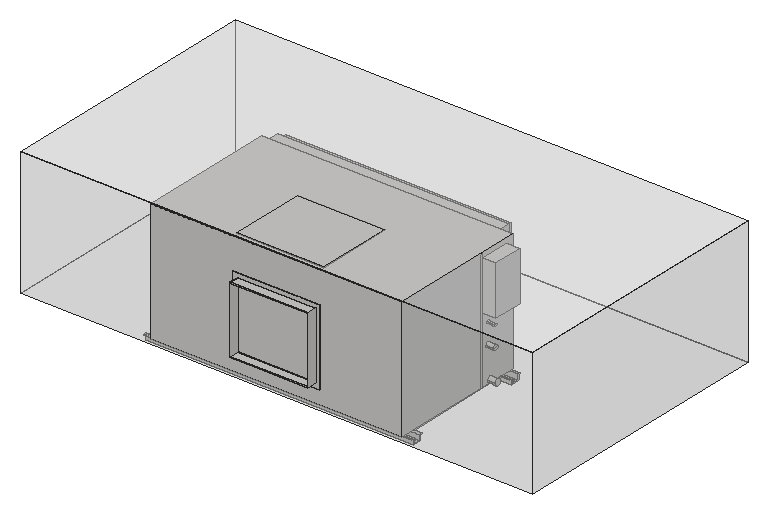
Revit family "outputfile", category 機械設備, Revit 2024
Family settings
  丸型コネクタ寸法 = 半径を使用
  パーツ タイプ = 標準
  OmniClass 番号 = 23.75.10.24.21.27.27
  OmniClass タイトル = Split System Air Conditioning Units
  作業面ベース = いいえ
  常に垂直 = はい
  ロード時にボイドで切り取り = いいえ
  注釈の向きを維持 = いいえ
  共有 = いいえ
  部屋計算ポイント = はい
Parameters (values of type "FDN125HTL")
  Description = ""
  書き出し IFC クラス(タイプ) = "IfcUnitaryEquipmentType"
  定義済み IFC タイプ(タイプ) = "AIRCONDITIONINGUNIT"
  Cost = 0
  Type Comments = ""
  Keynote = ""
  Type Image = (empty or 0)
  Assembly Code = ""
  switch_frequency = yes
  lw_power = 813 mm
  lw_box = 86 mm
  lw_RA = 733.5 mm
  lh_liquidpipe_2 = 738 mm
  lh_height_SA = 408 mm
  lh_ld_mountinghole_height = 35 mm
  lh_height_RA = 646 mm
  lh_hangerfixture = 35 mm
  lh_gaspipe_2 = 638 mm
  lh_box_top = 24 mm
  lh_box = 302 mm
  lh_SA = 351 mm
  lh_RA = 413 mm
  ld_depth_SA = 60 mm
  ld_depth_RA = 130 mm
  ld_box_left = 610 mm
  ld_box = 180 mm
  connector_voltage = Voltage_60Hz  # 220 V
  connector_powerinput = [Power Input (Cooling)]  # 12.280 kW
  connector_phase = Phase_60Hz  # 3
  URL = ""
  Supply Air Direction [instance] = yes
  製造元 = "Daikin"
  モデル = "FDN125HTL"
  w_pipe = 33 mm
  r_Liquid Pipe Size = Liquid Pipe Size / 2  # 6.35 mm
  r_Gas Pipe Size = Gas Pipe Size / 2  # 14.3 mm
  r_Drain Pipe Size = Drain Pipe Size / 2  # 17.0 mm
  lw_width_RA = 1377 mm
  lw_width_SA = 474 mm
  ld_suctionflange [instance] = 190 mm
  ld_powersupply = 275 mm
  Voltage_comment_60Hz = "220"
  Voltage_60Hz = 220 V
  Sound Power Level_H speed (dB) = 0
  Phase_60Hz = 3
  Minimum External Static Pressure = 0.00 Pa
  Minimum Circuit Amps_60Hz = 0.0 A
  Maximum Fuse Amps_60Hz = 0.0 A
  Maximum External Static Pressure = 150.00 Pa
  Material_Casing = DAIKIN_GalvanizedSteel_Casing_indoorunit
  lw_liquidpipe = 822 mm
  lw_gaspipe = 822 mm
  lw_mountinghole_pitch = 1600 mm
  lw_mountinghole = 1640 mm
  lw_drainpipe = 822 mm
  lh_powersupply = 425 mm
  lh_liquidpipe = 384 mm
  lh_gaspipe = 259 mm
  lh_mountinghole = 2.3 mm
  lh_drainpipe = 61 mm
  lh_antena = Height - lh_mountinghole + 1 mm  # 774.7 mm
  ld_liquidpipe = 225 mm
  ld_gaspipe = 225 mm
  ld_mountinghole_pitch = 754 mm
  ld_drainpipe = 242 mm
  h*** = 0 mm  # constant formula
  d_dischargeflange = ld_depth_SA  # 60 mm
  Width = 1540 mm
  Version = "ver.1.0"
  Unit Type = "Duct"
  Unit Mass Weight = 159.00 kg
  Unit Designation [instance] = ""
  Uniclass2015Version = "Products v1.30"
  Uniclass2015Title = "Split coil room air conditioning units"
  Uniclass2015Code = "Pr_70_65_03_86"
  Total Cooling Capacity [instance] = 0.000 kW
  Sound Pressure Level_M speed (dBA) = 0
  Sound Pressure Level_L speed (dBA) = 0
  Sound Pressure Level_H speed (dBA) = 56
  Series = "Package Aircon_Fan Coil Unit"
  Sensible Cooling Capacity [instance] = 0.000 kW
  SA Duct Size Width = 474 mm
  SA Duct Size Height = 408 mm
  Refrigerant Type = "R410A"
  RA Duct Size Width = 1377 mm
  RA Duct Size Height = 646 mm
  Power Input (Cooling) = 12.280 kW
  Option Accessory 3 [instance] = ""
  Option Accessory 2 [instance] = ""
  Option Accessory 1 [instance] = ""
  Nominal Cooling Capacity = 35.463 kW
  Minimum Airflow = 0.00 m³/h
  Median Airflow = 0.00 m³/h
  Maximum Airflow = 6966.00 m³/h
  Load Classification = HVAC
  Liquid Pipe Size = 12.7 mm
  Link_Nested Family [instance] = ""
  IfcVersion = ""
  IfcExportType = "AIRCONDITIONINGUNIT"
  IfcExportAs = "IfcUnitaryEquipmentType"
  Height = 776 mm
  Heat Exchanger Type = "Cross Fin Coil"
  Gas Pipe Size = 28.6 mm
  Frequency_60Hz = 60 Hz
  Fan Type = "Sirocco Fan"
  Fan Drive = "-"
  FCU Tag No. [instance] = ""
  Drain Pipe Size = 34.0 mm
  Design Supply Airflow [instance] = 0.00 m³/h
  Design Return Airflow [instance] = 0.00 m³/h
  Design External Static Pressure [instance] = 0.00 Pa
  Depth = 850 mm
  既定の高さ = 0 mm
  Cooling Entering Wet Bulb Temperature [instance] = 0.00 °C
  Cooling Entering Dry Bulb Temperature [instance] = 0.00 °C
  Cooling Ambient Wet Bulb Temperature [instance] = 0.00 °C
  Cooling Ambient Dry Bulb Temperature [instance] = 0.00 °C
  Clearance visibility [instance] = yes
  Clearance Top = 0 mm
  Clearance Right = 800 mm
  Clearance Rear = 800 mm
  Clearance Left = 800 mm
  Clearance Front = 0 mm
  Clearance Bottom = 0 mm
Reference planes
  plane 1 "Center (Front/Back)": y = 0
  plane 2: z = 0
  plane 3 "Center (Left/Right)": x = 0
  plane 4 "Back": y = 425
  plane 5 "Front": y = -425
  plane 6 "Left": x = -770
  plane 7 "Right": x = 770
  plane 8 "Top": z = 0
  plane 9 "Bottom": z = -776
  plane 10: z = -392
  plane 11: z = -517
  plane 12: x = -800
  plane 13: x = 800
  plane 14: x = 822
  plane 15: x = 822
  plane 16: z = -773.7
  plane 17 "Clearance Left": x = -1570
  plane 18 "Clearance Right": x = 1570
  plane 19 "Clearance Rear": y = 1225
  plane 20 "Clearance Front": y = -425
  plane 21 "Clearance Bottom": z = -776
  plane 22: z = -715
  plane 23 "ld_gas": y = 225
  plane 24: y = 225
  plane 25: y = -30
  plane 26: y = 242
  plane 27: y = 235
  plane 28: x = 822
  plane 29: y = 377
  plane 30: y = -377
  plane 31: y = -485
  plane 32: y = 555
  plane 33 "Clearance Top": z = 0
  plane 34: z = -351
  plane 35: y = 275
  plane 36 "hangerfixture": z = -741
  plane 37 "lh_SA": z = -425
  plane 38 "lh_RA": z = -363
  plane 39 "RA_center": x = -36.5
  plane 40: x = 886
  plane 41: x = 856
  plane 42: y = 185
  plane 43: y = 365
  plane 44 "box_bottom": z = -326
  plane 45 "box_top": z = -24
  plane 46: x = -267
  plane 47: x = 267
  plane 48: y = -394.5
  plane 49: y = 73.5
  plane 50 "lw_power": x = 813
  plane 51: z = -38
  plane 52: z = -138
  plane 53: z = -1
Forms (mm)
  Extrusion 1, solid, material "DAIKIN_GalvanizedSteel_Casing_indoorunit" <- "Material_Casing"
    sketch origin (0, -0.8, 0) x (1, 0, 0) y (0, 1, 0)
      loop
        line (-770, -424.2) -> (770, -424.2) -> (770, 425.8) -> (-770, 425.8) -> (-770, -424.2)
    from -741 to -1
  Revolve 2, solid, material "DAIKIN_GalvanizedSteel_Casing_indoorunit" <- "Material_Casing"
    sketch origin (0, 0, -517) x (0, -1, 0) y (1, 0, 0)
      loop
        line (-210.7, 770) -> (-210.7, 822) -> (-225, 822) -> (-225, 770) -> (-210.7, 770)
      axis (-225, 770) -> (-225, 822)
    angle from 0 to 360
  Revolve 3, solid, material "DAIKIN_GalvanizedSteel_Casing_indoorunit" <- "Material_Casing"
    sketch origin (0, 0, -392) x (0, -1, 0) y (1, 0, 0)
      loop
        line (-225, 770) -> (-225, 822) -> (-231.35, 822) -> (-231.35, 770) -> (-225, 770)
      axis (-225, 822) -> (-225, 770)
    angle from 0 to 360
  Extrusion 4, solid, material "DAIKIN_GalvanizedSteel_Casing_indoorunit" <- "Material_Casing"
    sketch origin (0, 0, 0) x (0, 1, 0) y (0, 0, 1)
      loop
        circle (242, -715) r 17
    from 822 to 770
  Extrusion 5, solid, material "DAIKIN_GalvanizedSteel_Casing_indoorunit" <- "Material_Casing"
    sketch origin (0, 0, 0) x (1, 0, 0) y (0, 1, 0)
      loop
        line (856, 185) -> (856, 365) -> (770, 365) -> (770, 185) -> (856, 185)
    from -326 to -24
  Extrusion 6, solid, material "DAIKIN_GalvanizedSteel_Casing_indoorunit" <- "Material_Casing"
    sketch origin (0, 0, 0) x (-1, 0, 0) y (0, -1, 0)
      loop
        line (267, -73.5) -> (267, 394.5) -> (-267, 394.5) -> (-267, -73.5) -> (267, -73.5)
    from -1 to 0
  Extrusion 7, solid, material "DAIKIN_GalvanizedSteel_Casing_indoorunit" <- "Material_Casing"
    sketch origin (0, 0, 0) x (0, 1, 0) y (0, 0, 1)
      loop
        line (-339, -741) -> (-339, -743.3) -> (339, -743.3) -> (339, -741) -> (-339, -741)
    from -770 to 770
  Extrusion 8, solid, material "DAIKIN_GalvanizedSteel_Casing_indoorunit" <- "Material_Casing"
    sketch origin (770, 0, 0) x (0, 1, 0) y (0, 0, 1)
      loop
        line (174, -1) -> (174, -741) -> (184, -741) -> (184, -1) -> (174, -1)
    from 0 to 1
Dimensions and locks
  equal spacing: plane 12, plane 3 "Center (Left/Right)", plane 13
  "lw_mountinghole_pitch": plane 12 to plane 13
  "lh_liquidpipe": plane 10 to plane 9 "Bottom"
  "lh_gaspipe": plane 11 to plane 9 "Bottom"
  equal spacing: plane 6 "Left", plane 3 "Center (Left/Right)", plane 7 "Right"
  "Width": plane 6 "Left" to plane 7 "Right"
  "Clearance Right": plane 7 "Right" to plane 18 "Clearance Right"
  "Clearance Left": plane 17 "Clearance Left" to plane 6 "Left"
  "Clearance Rear": plane 19 "Clearance Rear" to plane 4 "Back"
  "Clearance Front": plane 5 "Front" to plane 20 "Clearance Front"
  "Depth": plane 4 "Back" to plane 5 "Front"
  equal spacing: plane 4 "Back", plane 1 "Center (Front/Back)", plane 5 "Front"
  "ld_suctionflange": plane 4 "Back" to plane 27
  "r_Liquid Pipe Size": nested 5 to Revolve 3 sketch curve
  equal spacing: plane 29, plane 1 "Center (Front/Back)", plane 30
  "ld_mountinghole_pitch": plane 29 to plane 30
  "lw_liquidpipe": plane 3 "Center (Left/Right)" to plane 14
  "lw_gaspipe": plane 3 "Center (Left/Right)" to plane 15
  "lw_drainpipe": plane 3 "Center (Left/Right)" to plane 28
  "lh_drainpipe": plane 22 to plane 9 "Bottom"
  "Clearance Top": plane 33 "Clearance Top" to plane 8 "Top"
  "Clearance Bottom": plane 9 "Bottom" to plane 21 "Clearance Bottom"
  "lh_powersupply": plane 34 to plane 9 "Bottom"
  level to plane 8 "Top" = 0 mm
  "lh_hangerfixture": plane 36 "hangerfixture" to plane 9 "Bottom"
  "lh_SA": plane 37 "lh_SA" to plane 9 "Bottom"
  "ld_depth_SA": plane 5 "Front" to plane 31
  "ld_depth_RA": plane 32 to plane 4 "Back"
  "lh_RA": plane 38 "lh_RA" to plane 9 "Bottom"
  "lw_RA": plane 6 "Left" to plane 39 "RA_center"
  "ld_box_left": plane 42 to plane 5 "Front"
  "ld_box": plane 43 to plane 42
  "lw_box": plane 7 "Right" to plane 41
  "lh_box": plane 45 "box_top" to plane 44 "box_bottom"
  plane 46 to plane 3 "Center (Left/Right)" to plane 47 = 267 mm locked, 267 mm locked
  plane 49 to plane 48 to plane 5 "Front" = 468 mm locked, 30.5 mm locked
  "lw_power": plane 3 "Center (Left/Right)" to plane 50 "lw_power"
  "lh_gaspipe_2": plane 52 to plane 9 "Bottom"
  "lh_liquidpipe_2": plane 51 to plane 9 "Bottom"
  "ld_powersupply": plane 1 "Center (Front/Back)" to plane 35
  "ld_drainpipe": plane 26 to plane 1 "Center (Front/Back)"
  "ld_gaspipe": plane 23 "ld_gas" to plane 1 "Center (Front/Back)"
  "r_Gas Pipe Size": plane 23 "ld_gas" to Revolve 2 sketch curve
  "ld_liquidpipe": plane 24 to plane 1 "Center (Front/Back)"
  "Height": plane 8 "Top" to plane 9 "Bottom"
  "lh_mountinghole": plane 16 to plane 9 "Bottom"
  "lh_box_top": plane 33 "Clearance Top" to plane 45 "box_top"
  locked: plane 8 "Top" to plane 53 at 1
  Extrusion 8 sketch curve to Extrusion 8 sketch curve to plane 4 "Back" = 10 mm locked, 241 mm locked
  "r_Drain Pipe Size": radius of Extrusion 4 sketch curve
  aligned and locked: level to plane 2
  aligned and locked: Revolve 2 sketch curve to Revolve 2 sketch curve
  aligned and locked: plane 14 to nested 5
  aligned and locked: nested 5 to plane 10
  aligned and locked: plane 13 to nested 2
  aligned and locked: plane 12 to nested 3
  aligned and locked: plane 12 to nested 4
  aligned and locked: nested 6 to plane 11
  aligned and locked: plane 23 "ld_gas" to nested 6
  aligned and locked: plane 24 to nested 5
  aligned and locked: Extrusion 4 sketch curve to plane 26
  aligned and locked: nested 11 to plane 19 "Clearance Rear"
  aligned and locked: plane 18 "Clearance Right" to nested 11
  aligned and locked: plane 17 "Clearance Left" to nested 11
  aligned and locked: nested 11 to plane 20 "Clearance Front"
  aligned and locked: plane 28 to Extrusion 4
  aligned and locked: plane 15 to nested 6  (x2)
  aligned and locked: plane 13 to nested 1
  aligned and locked: plane 26 to nested 7
  aligned and locked: nested 7 to plane 22
  aligned and locked: nested 7 to plane 28
  aligned and locked: nested 9 to plane 1 "Center (Front/Back)"
  aligned and locked: plane 3 "Center (Left/Right)" to nested 9
  aligned and locked: plane 29 to nested 1
  aligned and locked: plane 30 to nested 2
  aligned and locked: nested 4 to plane 29
  aligned and locked: nested 3 to plane 30
  aligned and locked: nested 10 to plane 4 "Back"
  aligned and locked: nested 8 to plane 31
  aligned and locked: plane 32 to nested 14
  aligned and locked: plane 3 "Center (Left/Right)" to nested 13
  aligned and locked: nested 11 to plane 33 "Clearance Top"
  aligned and locked: nested 11 to plane 21 "Clearance Bottom"
  aligned and locked: nested 12 to plane 9 "Bottom"
  aligned and locked: plane 36 "hangerfixture" to Extrusion 1
  aligned and locked: plane 37 "lh_SA" to nested 8
  aligned and locked: Extrusion 1 to plane 5 "Front"
  aligned and locked: nested 13 to plane 31
  aligned and locked: plane 37 "lh_SA" to nested 13
  aligned and locked: Extrusion 1 to plane 4 "Back"
  aligned and locked: plane 38 "lh_RA" to nested 10
  aligned and locked: nested 14 to plane 38 "lh_RA"
  aligned and locked: plane 39 "RA_center" to nested 10
  aligned and locked: nested 14 to plane 39 "RA_center"
  aligned and locked: plane 43 to Extrusion 5 sketch curve
  aligned and locked: Extrusion 5 sketch curve to plane 42
  aligned and locked: plane 45 "box_top" to Extrusion 5
  aligned and locked: Extrusion 5 to plane 44 "box_bottom"
  aligned and locked: Extrusion 6 sketch curve to plane 49
  aligned and locked: Extrusion 6 sketch curve to plane 46
  aligned and locked: plane 48 to Extrusion 6 sketch curve
  aligned and locked: plane 47 to Extrusion 6 sketch curve
  aligned and locked: nested 16 to plane 51
  aligned and locked: nested 17 to plane 52
  aligned and locked: plane 14 to nested 16
  aligned and locked: nested 15 to plane 35
  aligned and locked: Revolve 2 sketch curve to plane 23 "ld_gas"
  aligned and locked: plane 23 "ld_gas" to nested 17
  aligned and locked: plane 24 to nested 16
  aligned and locked: plane 36 "hangerfixture" to Extrusion 7 sketch curve
  aligned and locked: Extrusion 7 sketch curve to nested 12  (x3)
  aligned and locked: Extrusion 7 to plane 6 "Left"
  aligned and locked: plane 7 "Right" to Extrusion 7
  aligned and locked: nested 15 to plane 50 "lw_power"
  aligned and locked: level to plane 8 "Top"
  aligned and locked: Extrusion 5 sketch curve to plane 41
  aligned and locked: plane 7 "Right" to Extrusion 5 sketch curve
  aligned and locked: plane 53 to Extrusion 1
  aligned and locked: Extrusion 6 to plane 53
  aligned and locked: plane 8 "Top" to Extrusion 6
  aligned and locked: Extrusion 4 to plane 7 "Right"
  aligned and locked: Revolve 3 to plane 7 "Right"
  aligned and locked: plane 7 "Right" to Revolve 2
  aligned and locked: nested 15 to plane 45 "box_top"
  aligned and locked: Extrusion 8 sketch curve to plane 36 "hangerfixture"
  aligned and locked: Extrusion 8 sketch curve to plane 53
Automatic sketch dimensions
  Extrusion 1 sketch curve to plane 4 "Back" = 0 mm
  Extrusion 1 sketch curve to plane 6 "Left" = 0 mm
  Extrusion 1 sketch curve to plane 5 "Front" = 0 mm
  Extrusion 1 sketch curve to plane 7 "Right" = 0 mm
  Revolve 3 sketch curve to plane 23 "ld_gas" = 0 mm  (x2)
  Revolve 3 sketch curve to plane 14 = 0 mm  (x2)
  plane 7 "Right" to Revolve 3 sketch curve = 0 mm
  plane 7 "Right" to Revolve 3 sketch curve = 1 mm
  Extrusion 4 sketch curve to plane 22 = 0 mm
  Revolve 2 sketch curve to plane 7 "Right" = 0 mm
  Revolve 2 sketch curve to plane 14 = 0 mm
  plane 7 "Right" to Revolve 2 sketch curve = 2.003 mm
  plane 14 to Revolve 2 sketch curve = 1.003 mm
Nested families
  nested 1: "daikin_mountinghole" at (800, 377, -776), Link_Nested Family <- "Link_Nested Family", h_mountinghole <- "lh_mountinghole", l_antenna <- "lh_antena", type "daikin_mountinghole"
    with show yes, l_antenna 774.7 mm, h_mountinghole 2.3 mm, Link_Nested Family "", d_circle 23 mm
  nested 2: "daikin_mountinghole" at (800, -377, -776), Link_Nested Family <- "Link_Nested Family", h_mountinghole <- "lh_mountinghole", l_antenna <- "lh_antena", type "daikin_mountinghole"
    with show yes, l_antenna 774.7 mm, h_mountinghole 2.3 mm, Link_Nested Family "", d_circle 23 mm
  nested 3: "daikin_mountinghole" at (-800, -377, -776), Link_Nested Family <- "Link_Nested Family", h_mountinghole <- "lh_mountinghole", l_antenna <- "lh_antena", type "daikin_mountinghole"
    with show yes, l_antenna 774.7 mm, h_mountinghole 2.3 mm, Link_Nested Family "", d_circle 23 mm
  nested 4: "daikin_mountinghole" at (-800, 377, -776), Link_Nested Family <- "Link_Nested Family", h_mountinghole <- "lh_mountinghole", l_antenna <- "lh_antena", type "daikin_mountinghole"
    with show yes, l_antenna 774.7 mm, h_mountinghole 2.3 mm, Link_Nested Family "", d_circle 23 mm
  nested 5: "daikin_connector_rotate2" at (0, 225, -392) x (0, 1, 0) z (0, 0, 1), length <- "lw_liquidpipe", built-in parameter 1001364 <- "lh_liquidpipe", radius <- "r_Liquid Pipe Size", type "daikin_connector_rotate2"
    with radius 6.35 mm, length 822 mm, angle_vertical 90.00°
  nested 6: "daikin_connector_rotate2" at (0, 225, -517) x (0, 1, 0) z (0, 0, 1), length <- "lw_gaspipe", built-in parameter 1001364 <- "lh_gaspipe", radius <- "r_Gas Pipe Size", type "daikin_connector_rotate2"
    with radius 14.3 mm, length 822 mm, angle_vertical 90.00°
  nested 7: "daikin_connector_rotate2" at (0, 242, -715) x (0, 1, 0) z (0, 0, 1), built-in parameter 1001364 <- "lh_drainpipe", length <- "lw_drainpipe", radius <- "r_Drain Pipe Size", type "daikin_connector_rotate2"
    with radius 17 mm, length 822 mm, angle_vertical 90.00°
  nested 8: "daikin_connector_rotate2" at (0, -425, -425), length <- "d_dischargeflange", type "daikin_connector_rotate2"
    with radius 10 mm, length 60 mm, angle_vertical 90.00°
  nested 9: "daikin_△_symbolicline" at (-75, -129.904, 9) x (-0.5, 0.866, 0) z (0, 0, 1), visible <- "Supply Air Direction", type "daikin_△_symbolicline"
    with length 300 mm
  nested 10: "daikin_ductflange_FDN-HTL" at (-36.5, 425, -363), material <- "Material_Casing", width <- "lw_width_RA", height <- "lh_height_RA", depth <- "ld_depth_RA", type "daikin_ductflange_FDN-HTL"
    with width 1377 mm, material DAIKIN_GalvanizedSteel_Casing_indoorunit, height 646 mm, depth 130 mm
  nested 11: "daikin_clearancespace" at (0, 400, -387.881), visible <- "Clearance visibility", show <- "Clearance visibility", Link_Nested Family <- "Link_Nested Family", type "daikin_clearancespace"
    with width 3140 mm, show yes, height 776 mm, depth 1650 mm, Link_Nested Family ""
  nested 12: "daikin_hangerfixture_FDN-HTL" at (0, 0, -776), type "daikin_hangerfixture_FDN-HTL"
  nested 13: "daikin_ductflange_FDN-HTL_1" at (0, -416, -614.401), width <- "lw_width_SA", material <- "Material_Casing", height <- "lh_height_SA", depth <- "ld_depth_SA", type "daikin_ductflange_FDN-HTL_1"
    with width 474 mm, material DAIKIN_GalvanizedSteel_Casing_indoorunit, height 408 mm, depth 60 mm
  nested 14: "daikin_connector_rotate2" at (-36.5, 425, -363) x (-1, 0, 0) z (0, 0, 1), length <- "ld_depth_RA", type "daikin_connector_rotate2"
    with radius 10 mm, length 130 mm, angle_vertical 90.00°
  nested 15: "daikin_connector_rotate2" at (813, 275, -24) x (0, 1, 0) z (1, 0, 0), length <- "lh_box", type "daikin_connector_rotate2"
    with radius 10 mm, length 302 mm, angle_vertical 90.00°
  nested 16: "daikin_connector_rotate2" at (0, 225, -38) x (0, 1, 0) z (0, 0, 1), length <- "lw_liquidpipe", built-in parameter 1001364 <- "lh_liquidpipe", radius <- "r_Liquid Pipe Size", type "daikin_connector_rotate2"
    with radius 6.35 mm, length 822 mm, angle_vertical 90.00°
  nested 17: "daikin_connector_rotate2" at (0, 225, -138) x (0, 1, 0) z (0, 0, 1), length <- "lw_gaspipe", built-in parameter 1001364 <- "lh_gaspipe", radius <- "r_Gas Pipe Size", type "daikin_connector_rotate2"
    with radius 14.3 mm, length 822 mm, angle_vertical 90.00°
Connectors
  piping at (822, 225, -517), diameter 28.6, driven by "r_Gas Pipe Size"
    settings: on nested 6, index 1, connector inside diameter 609.6 mm, connector length 0 mm, flow factor 0, pipe flow 0.00 m³/h, pressure drop 0.0 Pa, fitting loss kfactor 0, connector angle 0.00°, fixture units 0, engagement length 0 mm, angle of deflection 0.00°, flow configuration 1, flow direction 2, fitting loss method 0, system type 29, joint type 0, gender type 0, connector reference index -1, connector utility 0, adjustable connector no, is connector primary yes, connector description "Refrigerant Gas Piping"
  piping at (822, 225, -392), diameter 12.7, driven by "r_Liquid Pipe Size"
    settings: on nested 5, index 2, connector inside diameter 609.6 mm, connector length 0 mm, flow factor 0, pipe flow 0.00 m³/h, pressure drop 0.0 Pa, fitting loss kfactor 0, connector angle 0.00°, fixture units 0, engagement length 0 mm, angle of deflection 0.00°, flow configuration 1, flow direction 1, fitting loss method 0, system type 29, joint type 0, gender type 0, connector reference index -1, connector utility 0, adjustable connector no, is connector primary no, connector description "Refrigerant Liquid Piping"
  piping at (822, 242, -715), diameter 34, driven by "r_Drain Pipe Size"
    settings: on nested 7, index 3, connector inside diameter 609.6 mm, connector length 0 mm, flow factor 0, pipe flow 0.00 m³/h, pressure drop 0.0 Pa, fitting loss kfactor 0, connector angle 0.00°, fixture units 0, engagement length 0 mm, angle of deflection 0.00°, flow configuration 1, flow direction 2, fitting loss method 4, system type 16, joint type 0, gender type 0, connector reference index -1, connector utility 0, adjustable connector no, is connector primary no, connector description "Condensate Drain Piping"
  hvac at (0, -485, -425), driven by "SA Duct Size Height", driven by "SA Duct Size Width"
    settings: on nested 8, index 7, duct flow 0.00 m³/h, flow factor 0, pres drop 0.00 Pa, loss coef 0, conn angle 0.00°, conn width 474.0 mm, conn height 408.0 mm, conn diameter 609.6 mm, duct sys type 1, conn prof type 1, flow config 0, flow direction 2, loss method 4, conn ref index -1, conn util no, is conn primary yes, conn desc "SA Duct"
  hvac at (-36.5, 555, -363), driven by "RA Duct Size Width", driven by "RA Duct Size Height"
    settings: on nested 14, index 8, duct flow 0.00 m³/h, flow factor 0, pres drop 0.00 Pa, loss coef 0, conn angle 0.00°, conn width 1377.0 mm, conn height 646.0 mm, conn diameter 609.6 mm, duct sys type 2, conn prof type 1, flow config 0, flow direction 1, loss method 4, conn ref index -1, conn util no, is conn primary no, conn desc "RA Duct"
  electrical at (813, 275, -326), driven by "Load Classification", driven by "connector_phase", driven by "connector_powerinput", driven by "connector_voltage"
    settings: on nested 15, index 9, voltage 220 V, apparent load 12280 VA, apparent load phase1 0 VA, apparent load phase2 0 VA, apparent load phase3 0 VA, power factor 1, load classification "HVAC", number of poles 3, system type 30, power factor state 1, is connector primary yes, connector utility no, sub classification motor no, connector description "Power Supply"
Definition of nested family "daikin_ductflange_FDN-HTL"
  Parameters (values of type "daikin_ductflange_FDN-HTL")
    width [instance] = 1624 mm
    t2 = 19 mm
    t = 1 mm
    material [instance] = none
    height [instance] = 747 mm
    depth [instance] = 130 mm
    Default Elevation = 0 mm
  Reference planes
    plane 1 "Center (Front/Back)": y = 0
    plane 2: z = 0
    plane 3 "Center (Left/Right)": x = 0
    plane 4: x = -812
    plane 5: x = 812
    plane 6: z = 373.5
    plane 7: z = -373.5
    plane 8: y = 90
    plane 9: y = 130
    plane 10: x = -811
    plane 11: x = 811
    plane 12: z = -372.5
    plane 13: z = 372.5
    plane 14: x = -831
    plane 15: x = 831
    plane 16: z = 392.5
    plane 17: z = -392.5
  Forms (mm)
    Extrusion 1, solid, material <- "material"
      sketch origin (0, 0, 0) x (1, 0, 0) y (0, 0, 1)
        loop
          line (-831, 392.5) -> (-831, -392.5) -> (831, -392.5) -> (831, 392.5) -> (-831, 392.5)
        loop
          line (-812, 373.5) -> (-812, -373.5) -> (812, -373.5) -> (812, 373.5) -> (-812, 373.5)
      from 0 to -90
    Extrusion 2, solid, material <- "material"
      sketch origin (0, 0, 0) x (1, 0, 0) y (0, 0, 1)
        loop
          line (-812, 373.5) -> (-812, -373.5) -> (812, -373.5) -> (812, 373.5) -> (-812, 373.5)
        loop
          line (811, 372.5) -> (-811, 372.5) -> (-811, -372.5) -> (811, -372.5) -> (811, 372.5)
      from -130 to -90
  Cuts and joins
    joined: Extrusion 1, Extrusion 2
  Dimensions and locks
    equal spacing: plane 5, plane 3 "Center (Left/Right)", plane 4
    "width": plane 5 to plane 4
    equal spacing: plane 6, level, plane 7
    "height": plane 6 to plane 7
    locked: plane 1 "Center (Front/Back)" to plane 8 at 90
    "depth": plane 1 "Center (Front/Back)" to plane 9
    "t": plane 6 to plane 13
    "t": plane 12 to plane 7
    "t": plane 5 to plane 11
    "t": plane 10 to plane 4
    "t2": plane 4 to plane 14
    "t2": plane 15 to plane 5
    "t2": plane 16 to plane 6
    "t2": plane 7 to plane 17
    aligned and locked: level to plane 2
    aligned and locked: Extrusion 1 to plane 8
    aligned and locked: plane 1 "Center (Front/Back)" to Extrusion 1
    aligned and locked: Extrusion 2 to plane 9
    aligned and locked: Extrusion 2 to Extrusion 1
    aligned and locked: plane 13 to Extrusion 2 sketch curve
    aligned and locked: plane 11 to Extrusion 2 sketch curve
    aligned and locked: Extrusion 2 sketch curve to plane 12
    aligned and locked: Extrusion 2 sketch curve to plane 10
    aligned and locked: Extrusion 1 sketch curve to plane 16
    aligned and locked: plane 14 to Extrusion 1 sketch curve
    aligned and locked: plane 17 to Extrusion 1 sketch curve
    aligned and locked: Extrusion 1 sketch curve to plane 15
    aligned and locked: Extrusion 1 sketch curve to plane 6
    aligned and locked: Extrusion 1 sketch curve to plane 5
    aligned and locked: plane 4 to Extrusion 1 sketch curve
    aligned and locked: plane 7 to Extrusion 1 sketch curve
  Automatic sketch dimensions
    Extrusion 2 sketch curve to plane 4 = 0 mm
    Extrusion 2 sketch curve to plane 5 = 0 mm
    Extrusion 2 sketch curve to plane 7 = 0 mm
    Extrusion 2 sketch curve to plane 6 = 0 mm
Definition of nested family "daikin_clearancespace"
  Parameters (values of type "daikin_clearancespace")
    Description = "daikin_clearancespace"
    width [instance] = 1823.963 mm
    show [instance] = yes
    material = none
    height [instance] = 1359.762 mm
    depth [instance] = 880 mm
    Default Elevation = 0 mm
    Link_Nested Family [instance] = ""
  Reference planes
    plane 1 "Center (Front/Back)": y = 0
    plane 2 "Center (Elevation)": z = -0.119
    plane 3 "Center (Left/Right)": x = 0
    plane 4: y = 440
    plane 5: y = -440
    plane 6 "Right": x = 911.982
    plane 7 "Left": x = -911.982
    plane 8 "Top": z = 679.762
    plane 9 "Bottom": z = -680
  Forms (mm)
    Extrusion 1, solid, material <- "material", visible <- "show"
      sketch origin (0, 0, 0) x (1, 0, 0) y (0, 1, 0)
        loop
          line (-911.982, 440) -> (-911.982, -440) -> (911.982, -440) -> (911.982, 440) -> (-911.982, 440)
      from -680 to 679.762
  Lines and regions (mm)
    symbolic lines, visible <- "show"
      curve 1: line (911.982, 440, 0) -> (-911.982, 440, 0)
      curve 2: line (-911.982, 440, 0) -> (-911.982, -440, 0)
      curve 3: line (-911.982, -440, 0) -> (911.982, -440, 0)
      curve 4: line (911.982, -440, 0) -> (911.982, 440, 0)
      curve 5: line (911.982, 0, 679.762) -> (-911.982, 0, 679.762)
      curve 6: line (911.982, 0, -680) -> (911.982, 0, 679.762)
      curve 7: line (-911.982, 0, -680) -> (911.982, 0, -680)
      curve 8: line (-911.982, 0, 679.762) -> (-911.982, 0, -680)
      curve 9: line (0, 440, 679.762) -> (0, -440, 679.762)
      curve 10: line (0, -440, 679.762) -> (0, -440, -680)
      curve 11: line (0, 440, -680) -> (0, 440, 679.762)
      curve 12: line (0, -440, -680) -> (0, 440, -680)
  Dimensions and locks
    "width": plane 7 "Left" to plane 6 "Right"
    "depth": plane 4 to plane 5
    "height": plane 8 "Top" to plane 9 "Bottom"
    equal spacing: plane 7 "Left", plane 3 "Center (Left/Right)", plane 6 "Right"
    equal spacing: plane 4, plane 1 "Center (Front/Back)", plane 5
    equal spacing: plane 8 "Top", plane 2 "Center (Elevation)", plane 9 "Bottom"
    aligned and locked: level to plane 2 "Center (Elevation)"
    aligned and locked: Extrusion 1 sketch curve to plane 4
    aligned and locked: plane 7 "Left" to Extrusion 1 sketch curve
    aligned and locked: Extrusion 1 sketch curve to plane 5
    aligned and locked: Extrusion 1 sketch curve to plane 6 "Right"
    aligned and locked: plane 8 "Top" to Extrusion 1
    aligned and locked: curve 1 to Extrusion 1
    aligned and locked: curve 2 to Extrusion 1
    aligned and locked: curve 3 to Extrusion 1
    aligned and locked: curve 4 to Extrusion 1
    aligned and locked: curve 5 to Extrusion 1
    aligned and locked: curve 6 to Extrusion 1
    aligned and locked: curve 7 to Extrusion 1
    aligned and locked: curve 8 to Extrusion 1
    aligned and locked: curve 9 to Extrusion 1
    aligned and locked: curve 10 to Extrusion 1
    aligned and locked: curve 11 to Extrusion 1
    aligned and locked: curve 12 to Extrusion 1
    aligned and locked: Extrusion 1 to plane 9 "Bottom"
Definition of nested family "daikin_hangerfixture_FDN-HTL"
  Parameters (values of type "daikin_hangerfixture_FDN-HTL")
    width = 1600 mm
    material = none
    height = 35 mm
    e = 38 mm
    depth = 754 mm
    Default Elevation = 0 mm
    G = 1640 mm
    E = 50 mm
  Reference planes
    plane 1 "Center (Front/Back)": y = 0
    plane 2: z = 0
    plane 3 "Center (Left/Right)": x = 0
    plane 4: x = 800
    plane 5: x = -800
    plane 6: z = 35
    plane 7: y = 377
    plane 8: y = -377
    plane 9: x = -820
    plane 10: x = 820
    plane 11: y = 415
    plane 12: y = -415
    plane 13: y = -339
    plane 14: y = 339
  Forms (mm)
    Extrusion 1, solid
      sketch origin (0, 0, 0) x (0, 1, 0) y (0, 0, 1)
        loop
          line (-354, 35) -> (-354, 2.3) -> (-400, 2.3) -> (-400, 35) -> (-415, 35) -> (-415, 32.7) -> (-402.3, 32.7) -> (-402.3, 0) -> (-351.7, 0) -> (-351.7, 32.7) -> (-339, 32.7) -> (-339, 35) -> (-354, 35)
        loop
          line (354, 35) -> (339, 35) -> (339, 32.7) -> (351.7, 32.7) -> (351.7, 0) -> (402.3, 0) -> (402.3, 32.7) -> (415, 32.7) -> (415, 35) -> (400, 35) -> (400, 2.3) -> (354, 2.3) -> (354, 35)
      from -820 to 820
    Extrusion 2, void
      sketch origin (0, 0, 0) x (1, 0, 0) y (0, 1, 0)
        loop
          circle (-800, 377) r 7.5
        loop
          circle (-800, -377) r 7.5
        loop
          circle (800, -377) r 7.5
        loop
          circle (800, 377) r 7.5
      from 0 to 9
  Cuts and joins
    Extrusion 2 cuts Extrusion 1
  Dimensions and locks
    "width": plane 5 to plane 4
    equal spacing: plane 5, plane 3 "Center (Left/Right)", plane 4
    "depth": plane 8 to plane 7
    equal spacing: plane 8, plane 1 "Center (Front/Back)", plane 7
    "height": plane 6 to level
    "e": plane 7 to plane 11
    "e": plane 12 to plane 8
    equal spacing: Extrusion 1 sketch curve, plane 8, Extrusion 1 sketch curve  (x2)
    "e": Extrusion 1 sketch curve to plane 8 to Extrusion 1 sketch curve
    locked: Extrusion 1 sketch curve to level at 2.3  (x2)
    "e": plane 7 to Extrusion 1 sketch curve  (x2)
    equal spacing: Extrusion 1 sketch curve, plane 7, Extrusion 1 sketch curve  (x2)
    equal spacing: plane 9, plane 3 "Center (Left/Right)", plane 10
    "G": plane 9 to plane 10
    aligned and locked: level to plane 2
    aligned and locked: plane 6 to Extrusion 1 sketch curve  (x2)
    aligned and locked: Extrusion 1 sketch curve to level
    aligned and locked: level to Extrusion 1 sketch curve
    aligned and locked: Extrusion 1 to plane 9
    aligned and locked: plane 10 to Extrusion 1
    aligned and locked: plane 7 to Extrusion 2 sketch curve  (x2)
    aligned and locked: plane 5 to Extrusion 2 sketch curve  (x2)
    aligned and locked: plane 8 to Extrusion 2 sketch curve  (x2)
    aligned and locked: plane 4 to Extrusion 2 sketch curve  (x2)
    aligned and locked: cut or joined group of Extrusion 1, Extrusion 2 to plane 14  (x2)
    aligned and locked: plane 13 to cut or joined group of Extrusion 1, Extrusion 2
  Automatic sketch dimensions
    Extrusion 1 sketch curve to plane 6 = 0 mm  (x2)
    Extrusion 1 sketch curve to plane 6 = 2.3 mm  (x3)
    Extrusion 1 sketch curve to plane 12 = 12.7 mm
    Extrusion 1 sketch curve to Extrusion 1 sketch curve = 2.3 mm  (x3)
    plane 14 to Extrusion 1 sketch curve = 12.7 mm
    radius of Extrusion 2 sketch curve = 7.5 mm  (x4)
Definition of nested family "daikin_ductflange_FDN-HTL_1"
  Parameters (values of type "daikin_ductflange_FDN-HTL_1")
    width [instance] = 474 mm
    t3 = 9 mm
    t2 = 30 mm
    t [instance] = 1.2 mm
    material [instance] = none
    height [instance] = 408 mm
    depth [instance] = 60 mm
    Default Elevation = 0 mm
  Reference planes
    plane 1 "Center (Front/Back)": y = 0
    plane 2: z = 189.401
    plane 3 "Center (Left/Right)": x = 0
    plane 4: y = 0
    plane 5: y = -69
    plane 6: y = -9
    plane 7: z = 394.601
    plane 8: z = -15.799
    plane 9: x = -237
    plane 10: x = 237
    plane 11: x = -238.2
    plane 12: x = 238.2
    plane 13: z = 393.401
    plane 14: z = -14.599
    plane 15: x = -267
    plane 16: z = 423.401
    plane 17: z = -44.599
    plane 18: x = 267
  Forms (mm)
    Extrusion 1, solid, material <- "material"
      sketch origin (0, 0, 0) x (1, 0, 0) y (0, 0, 1)
        loop
          line (-238.2, 394.601) -> (-238.2, -15.799) -> (238.2, -15.799) -> (238.2, 394.601) -> (-238.2, 394.601)
        loop
          line (-237, 393.401) -> (-237, -14.599) -> (237, -14.599) -> (237, 393.401) -> (-237, 393.401)
      from 9 to 69
    Extrusion 2, solid, material <- "material"
      sketch origin (0, 0, 0) x (1, 0, 0) y (0, 0, 1)
        loop
          line (-267, 423.401) -> (-267, -44.599) -> (267, -44.599) -> (267, 423.401) -> (-267, 423.401)
        loop
          line (-237, 393.401) -> (-237, -14.599) -> (237, -14.599) -> (237, 393.401) -> (-237, 393.401)
      from 0 to 9
  Cuts and joins
    joined: Extrusion 1, Extrusion 2
  Dimensions and locks
    plane 4 to plane 1 "Center (Front/Back)" = 0 mm
    equal spacing: plane 7, level, plane 8
    "height": plane 13 to plane 14
    equal spacing: plane 10, plane 3 "Center (Left/Right)", plane 9
    "t": plane 9 to plane 11
    "t": plane 12 to plane 10
    "t": plane 7 to plane 13
    "t": plane 14 to plane 8
    "t2": plane 9 to plane 15
    "t2": plane 18 to plane 10
    "t2": plane 16 to plane 13
    "t2": plane 14 to plane 17
    "width": plane 10 to plane 9
    "depth": plane 5 to plane 6
    "t3": plane 6 to plane 4
    aligned and locked: level to plane 2
    aligned and locked: Extrusion 1 sketch curve to plane 7
    aligned and locked: plane 11 to Extrusion 1 sketch curve
    aligned and locked: plane 8 to Extrusion 1 sketch curve
    aligned and locked: Extrusion 1 sketch curve to plane 12
    aligned and locked: Extrusion 1 sketch curve to plane 13
    aligned and locked: plane 9 to Extrusion 1 sketch curve
    aligned and locked: plane 14 to Extrusion 1 sketch curve
    aligned and locked: Extrusion 1 sketch curve to plane 10
    aligned and locked: plane 6 to Extrusion 1
    aligned and locked: Extrusion 1 to plane 5
    aligned and locked: Extrusion 2 sketch curve to plane 16
    aligned and locked: plane 15 to Extrusion 2 sketch curve
    aligned and locked: plane 17 to Extrusion 2 sketch curve
    aligned and locked: Extrusion 2 sketch curve to plane 18
    aligned and locked: Extrusion 2 sketch curve to Extrusion 1  (x4)
    aligned and locked: Extrusion 2 to plane 1 "Center (Front/Back)"
    aligned and locked: Extrusion 2 to plane 6
  Automatic sketch dimensions
    Extrusion 2 sketch curve to plane 15 = 0 mm
Definition of nested family "daikin_mountinghole"
  Parameters (values of type "daikin_mountinghole")
    Default Elevation = 1219.2 mm
    Type Comments = "mountinghole"
    show [instance] = yes
    material = none
    l_centerline = 100 mm
    l_antenna [instance] = 100 mm
    h_mountinghole [instance] = 0 mm
    d_circle = 30 mm
    Link_Nested Family [instance] = ""
  Reference planes
    plane 1 "Center (Front/Back)": y = 0
    plane 2: z = 0
    plane 3 "Center (Left/Right)": x = 0
    plane 4: y = 50
    plane 5: x = -50
    plane 6: x = 50
    plane 7: y = -50
    plane 8 "h_mountinghole": z = 0
    plane 9: z = 100
  Lines and regions (mm)
    model lines, detail levels fine
      curve 1: circle (0, 0, 0) r 15 normal (0, 0, 1)
      curve 2: line (-50, 0, 0) -> (50, 0, 0)
      curve 3: line (0, 50, 0) -> (0, -50, 0)
    symbolic lines, detail levels fine
      curve 4: circle (0, 0, 0) r 15 normal (0, 0, 1)
      curve 5: line (-50, 0, 0) -> (50, 0, 0)
      curve 6: line (0, 50, 0) -> (0, -50, 0)
    model lines
      curve 7: line (0, 0, 100) -> (0, 0, 0)
  Dimensions and locks
    equal spacing: plane 4, plane 1 "Center (Front/Back)", plane 7
    "l_centerline": plane 4 to plane 7
    equal spacing: plane 5, plane 3 "Center (Left/Right)", plane 6
    "l_centerline": plane 5 to plane 6
    "l_antenna": plane 9 to plane 8 "h_mountinghole"
    "h_mountinghole": plane 8 "h_mountinghole" to plane 2
    "d_circle": diameter of curve 1
    "d_circle": diameter of curve 4
    aligned and locked: level to plane 2
    aligned and locked: plane 1 "Center (Front/Back)" to curve 1
    aligned and locked: plane 3 "Center (Left/Right)" to curve 1
    aligned and locked: plane 1 "Center (Front/Back)" to curve 2
    aligned and locked: curve 3 to plane 3 "Center (Left/Right)"
    aligned and locked: plane 6 to curve 2
    aligned and locked: plane 5 to curve 2
    aligned and locked: plane 4 to curve 3
    aligned and locked: plane 7 to curve 3
    aligned and locked: plane 1 "Center (Front/Back)" to curve 4
    aligned and locked: plane 3 "Center (Left/Right)" to curve 4
    aligned and locked: plane 6 to curve 5
    aligned and locked: plane 5 to curve 5
    aligned and locked: plane 1 "Center (Front/Back)" to curve 5
    aligned and locked: plane 4 to curve 6
    aligned and locked: plane 7 to curve 6
    aligned and locked: curve 6 to plane 3 "Center (Left/Right)"
    aligned and locked: curve 7 to plane 3 "Center (Left/Right)"
    aligned and locked: plane 9 to curve 7
    aligned and locked: plane 8 "h_mountinghole" to curve 7
Definition of nested family "daikin_connector_rotate2"
  Parameters (values of type "daikin_connector_rotate2")
    show_face = no
    radius [instance] = 10 mm
    length [instance] = 600 mm
    d_surface = 10 mm
    angle_vertical [instance] = 90.00°
    Default Elevation = 0 mm
  Reference planes
    plane 1 "Center (Front/Back)": y = 0
    plane 2: z = 0
    plane 3 "Center (Left/Right)": x = 0
  Forms (mm)
    Extrusion 1, solid, visible <- "show_face"
      sketch origin (0, -600, 0) x (1, 0, 0) y (0, 0, 1)
        loop
          circle (0, 0) r 10
      from 0 to -10
  Lines and regions (mm)
    reference lines
      curve 1: line (0, 0, 0) -> (0, -600, 0)
    symbolic lines
      curve 2: circle (0, 0, 0) r 5 normal (0, 0, 1)
    model lines, visible <- "show_face"
      curve 3: line (0, 0, 0) -> (0, -600, 0)
  Dimensions and locks
    "length": curve 1 to curve 1
    "length": curve 3 to curve 3
    "d_surface": Extrusion 1 to Extrusion 1
    "radius": radius of Extrusion 1 sketch curve
    "angle_vertical": angle curve 1 to plane 1 "Center (Front/Back)"
    "angle_vertical": angle curve 3 to plane 1 "Center (Front/Back)"
    aligned and locked: level to plane 2
    aligned and locked: plane 1 "Center (Front/Back)" to curve 1
    aligned and locked: plane 2 to curve 1
    aligned and locked: plane 1 "Center (Front/Back)" to curve 2
    aligned and locked: plane 3 "Center (Left/Right)" to curve 2
    aligned and locked: plane 1 "Center (Front/Back)" to curve 3
    aligned and locked: plane 2 to curve 3
    aligned and locked: Extrusion 1 to Extrusion 1
  Automatic sketch dimensions
    Extrusion 1 sketch curve to level = 0 mm
    Extrusion 1 sketch curve to plane 3 "Center (Left/Right)" = 0 mm
    radius of curve 2 = 5 mm
Definition of nested family "daikin_△_symbolicline"
  Parameters (values of type "daikin_△_symbolicline")
    length [instance] = 500 mm
    Default Elevation = 0 mm
  Reference planes
    plane 1 "Center (Front/Back)": y = 0
    plane 2: z = 0
    plane 3 "Center (Left/Right)": x = 0
  Lines and regions (mm)
    symbolic lines
      curve 1: line (0, -433.013, 0) -> (250, 0, 0)
      curve 2: line (250, 0, 0) -> (-250, 0, 0)
      curve 3: line (-250, 0, 0) -> (0, -433.013, 0)
  Dimensions and locks
    equal spacing: curve 3, plane 3 "Center (Left/Right)", curve 2
    "length": curve 3 to curve 2
    "length": curve 3 to curve 3
    "length": curve 1 to curve 1
    aligned and locked: level to plane 2
    aligned and locked: curve 2 to plane 1 "Center (Front/Back)"
    aligned and locked: plane 3 "Center (Left/Right)" to curve 3
